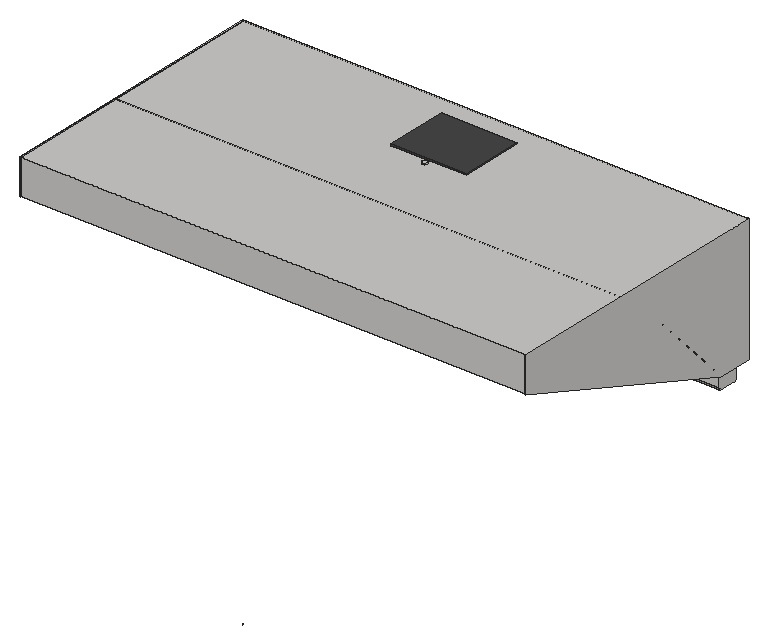
Revit family "QF_ELECTROLUXPROFESSIONAL_644193_AMPV1120BT", category Specialty Equipment, Revit 2014
Reference planes
  plane 1 "Center (Front/Back)": y = 0
  plane 2: z = 0
  plane 3 "Center (Left/Right)": x = 150
  plane 4 "LEFT": x = -850
  plane 5 "RIGHT": x = 1150
  plane 6 "BACK": y = 550
  plane 7 "FRONT": y = -550
  plane 8 "Plane": z = 2000
  plane 9 "TOP": z = 2140
  plane 10 "Base": z = 1640
  plane 11: z = 1566
  plane 12 "DrainY": y = 485
  plane 13: x = -847
  plane 14: through (0, 414.509, 1640.8) normal (0, 0.7314, 0.682)
  plane 15: y = 470
  plane 16: y = 220
  plane 17 "DrainX": x = 1030
  plane 18: x = 0
  plane 19: x = 300
  plane 20: x = 1147
  plane 21: x = 940
  plane 22: x = 1120
  plane 23: x = -810
  plane 24: x = 1110
  plane 25: x = -47.5
  plane 26: x = 347.5
  plane 27: y = 200
Forms (mm)
  Extrusion 1, solid, material "QF_Finishes_Stainless Steel"
    sketch origin (-850, 0, 0) x (0, 1, 0) y (0, 0, 1)
      loop
        line (550, 1640) -> (550, 2140) -> (-550, 2140) -> (-550, 1999.112) -> (413.973, 1640) -> (550, 1640)
    from 0 to 3
  Extrusion 2, solid, material "QF_Finishes_Stainless Steel"
    sketch origin (150, 0, 0) x (0, 1, 0) y (0, 0, 1)
      loop
        line (415.255, 1640) -> (550, 1640) -> (550, 2139.19) -> (549.2, 2139.19) -> (549.2, 1640.8) -> (415.876, 1640.8) -> (339.347, 1722.867) -> (349.609, 1732.436) -> (348.927, 1733.167) -> (337.934, 1722.917) -> (415.255, 1640)
      loop
        line (-82.203, 2139.19) -> (-82.203, 2118.6) -> (-31.047, 2118.6) -> (34.354, 2048.466) -> (46.028, 2059.352) -> (45.346, 2060.083) -> (34.403, 2049.879) -> (-30.612, 2119.6) -> (-81.203, 2119.6) -> (-81.203, 2139.19) -> (-82.203, 2139.19)
    from -997 to 997
  Extrusion 3, solid, material "QF_Finishes_Stainless Steel"
    sketch origin (1150, 0, 0) x (0, 1, 0) y (0, 0, 1)
      loop
        line (550, 1640) -> (550, 2140) -> (-550, 2140) -> (-550, 1999.112) -> (413.973, 1640) -> (550, 1640)
    from 0 to -3
  Extrusion 4, solid, material "QF_Finishes_Stainless Steel"
    sketch origin (150, 0, 0) x (0, 1, 0) y (0, 0, 1)
      loop
        line (-550, 2140) -> (-550, 2000) -> (-549.2, 2000) -> (-549.2, 2139.19) -> (550, 2139.19) -> (550, 2140) -> (-550, 2140)
    from -1000 to 1000
  Extrusion 5, solid, material "QF_Finishes_Stainless Steel"
    sketch origin (150, 0, 0) x (0, 1, 0) y (0, 0, 1)
      loop
        line (534, 1640) -> (436, 1640) -> (436, 1627) -> (443.5, 1627) -> (443.5, 1576)
        arc (443.5, 1576) -> (446.429, 1568.929) -> (453.5, 1566) r 10
        line (453.5, 1566) -> (516.5, 1566)
        arc (516.5, 1566) -> (523.571, 1568.929) -> (526.5, 1576) r 10
        line (526.5, 1576) -> (526.5, 1627) -> (534, 1627) -> (534, 1640)
    from 790 to 970
  Extrusion 6, solid, material "QF_Finishes_Stainless Steel"
    sketch origin (0, 0, 1640) x (0, 1, 0) y (-1, 0, 0)
      loop
        circle (485, -1030) r 20
    from -76 to -74
  Extrusion 7, solid, material "QF_Finished_Chrome"
    sketch origin (150, 0, 0) x (0, 1, 0) y (0, 0, 1)
      loop
        line (337.934, 1722.917) -> (341.591, 1726.327) -> (38.011, 2051.876) -> (34.354, 2048.466) -> (337.934, 1722.917)
    from -197.5 to -960
  Extrusion 8, solid, material "QF_Finishes_Stainless Steel"
    sketch origin (150, 0, 0) x (0, 1, 0) y (0, 0, 1)
      loop
        line (337.934, 1722.917) -> (341.591, 1726.327) -> (38.011, 2051.876) -> (34.354, 2048.466) -> (337.934, 1722.917)
    from 997 to 960
  Extrusion 9, solid, material "QF_Finished_Chrome"
    sketch origin (150, 0, 0) x (0, 1, 0) y (0, 0, 1)
      loop
        line (341.588, 1726.324) -> (38.009, 2051.874) -> (34.354, 2048.466) -> (337.934, 1722.917) -> (341.588, 1726.324)
    from 197.5 to 960
  Extrusion 10, solid, material "QF_Finishes_Black"
    sketch origin (0, 0, 2140) x (0, 1, 0) y (-1, 0, 0)
      loop
        line (470, -300) -> (470, 0) -> (220, 0) -> (220, -300) -> (470, -300)
    from 5 to 0
  Extrusion 11, solid, material "QF_Finishes_Stainless Steel"
    sketch origin (0, 0, 0) x (1, 0, 0) y (0, 1, 0)
      loop
        line (-850, 550) -> (-850, 549) -> (-849, 549) -> (-849, 550) -> (-850, 550)
    from 0 to 1
  Extrusion 12, solid, material "QF_Finishes_Stainless Steel"
    sketch origin (150, 0, 0) x (0, 1, 0) y (0, 0, 1)
      loop
        line (337.934, 1722.917) -> (341.591, 1726.327) -> (38.011, 2051.876) -> (34.354, 2048.466) -> (337.934, 1722.917)
    from -960 to -997
  Extrusion 13, solid, material "QF_Finishes_Stainless Steel"
    sketch origin (150, 0, 0) x (0, 1, 0) y (0, 0, 1)
      loop
        line (337.934, 1722.917) -> (341.591, 1726.327) -> (38.011, 2051.876) -> (34.354, 2048.466) -> (337.934, 1722.917)
    from 197.5 to -197.5
  Extrusion 14, solid, material "QF_Finishes_Stainless Steel"
    sketch origin (0, 0, 2140) x (0, 1, 0) y (-1, 0, 0)
      loop
        circle (200, -150) r 10
    from 0 to 1.6
Cuts and joins
  joined: Extrusion 2, Extrusion 4
Lines and regions (mm)
  reference lines
    curve 1: line (150, 34.354, 2048.466) -> (150, 34.354, 1888.466)
  symbolic lines, style "SpecialityEquipment", detail levels coarse
    curve 2: line (1150, 550, 2140) -> (-850, 550, 2140)
    curve 3: line (-850, 550, 2140) -> (-850, -550, 2140)
    curve 4: line (1150, -550, 2140) -> (1150, 550, 2140)
    curve 5: line (-850, -550, 2140) -> (1150, -550, 2140)
    curve 6: line (300, 220, 2140) -> (0, 220, 2140)
    curve 7: line (300, 470, 2140) -> (300, 220, 2140)
    curve 8: line (0, 470, 2140) -> (300, 470, 2140)
    curve 9: line (0, 220, 2140) -> (0, 470, 2140)
    curve 10: line (-850, -550, 0) -> (1150, 550, 0)
    curve 11: line (-850, 550, 0) -> (1150, -550, 0)
Dimensions and locks
  plane 4 "LEFT" to plane 5 "RIGHT" = 2000 mm
  equal spacing: plane 4 "LEFT", plane 3 "Center (Left/Right)", plane 5 "RIGHT"
  locked: plane 8 "Plane" to level at 2000
  plane 9 "TOP" to plane 8 "Plane" = 140 mm
  locked: plane 9 "TOP" to plane 10 "Base" at 500
  plane 10 "Base" to plane 11 = 74 mm
  plane 6 "BACK" to plane 12 "DrainY" = 65 mm  (x2)
  plane 4 "LEFT" to plane 13 = 3 mm
  plane 6 "BACK" to plane 15 = 80 mm
  plane 15 to plane 16 = 250 mm  (x2)
  plane 17 "DrainX" to plane 5 "RIGHT" = 120 mm
  plane 20 to plane 5 "RIGHT" = 3 mm
  locked: plane 21 to plane 17 "DrainX" at 90
  locked: plane 17 "DrainX" to plane 22 at 90
  plane 6 "BACK" to plane 7 "FRONT" = 1100 mm  (x2)
  equal spacing: plane 6 "BACK", plane 1 "Center (Front/Back)", plane 7 "FRONT"
  plane 16 to plane 7 "FRONT" = 770 mm
  plane 15 to plane 6 "BACK" = 80 mm
  locked: plane 4 "LEFT" to plane 23 at 40
  locked: plane 24 to plane 5 "RIGHT" at 40
  locked: plane 25 to plane 26 at 395
  equal spacing: plane 25, plane 3 "Center (Left/Right)", plane 26
  locked: plane 18 to plane 19 at 300
  equal spacing: plane 18, plane 3 "Center (Left/Right)", plane 19
  plane 16 to plane 27 = 20 mm
  aligned and locked: level to plane 2
  aligned and locked: Extrusion 2 to Extrusion 1
  aligned and locked: Extrusion 2 to Extrusion 3
  aligned and locked: plane 5 "RIGHT" to Extrusion 4
  aligned and locked: Extrusion 4 to plane 4 "LEFT"
  aligned and locked: plane 20 to Extrusion 8
  aligned and locked: Extrusion 10 to plane 18
  aligned and locked: Extrusion 10 to plane 16
  aligned and locked: Extrusion 10 to plane 15
  aligned and locked: Extrusion 2 to Extrusion 4
  aligned and locked: plane 22 to Extrusion 5
  aligned and locked: Extrusion 5 to plane 21
  aligned and locked: Extrusion 8 to plane 24
  aligned and locked: Extrusion 9 to plane 24
  aligned and locked: Extrusion 7 to plane 23
  aligned and locked: Extrusion 12 to plane 13
  aligned and locked: plane 23 to Extrusion 12
  aligned and locked: Extrusion 3 to plane 20
  aligned and locked: Extrusion 10 to plane 19
  aligned and locked: plane 19 to curve 7
  aligned and locked: plane 26 to Extrusion 13
  aligned and locked: Extrusion 13 to plane 25
  aligned and locked: Extrusion 9 to plane 26
Automatic sketch dimensions
  curve 5 to plane 5 "RIGHT" = 0 mm
  curve 5 to plane 7 "FRONT" = 0 mm
  curve 6 to plane 16 = 0 mm
  plane 15 to curve 8 = 0 mm
  curve 3 to plane 4 "LEFT" = 0 mm
  curve 3 to plane 6 "BACK" = 0 mm
  curve 6 to plane 18 = 0 mm
  Extrusion 1 sketch curve to plane 7 "FRONT" = 0 mm
  Extrusion 1 sketch curve to plane 10 "Base" = 0 mm
  Extrusion 1 sketch curve to plane 6 "BACK" = 0 mm
  Extrusion 1 sketch curve to plane 9 "TOP" = 0 mm
  plane 15 to Extrusion 1 sketch curve = 56.027 mm
  Extrusion 1 sketch curve to plane 8 "Plane" = 0.888 mm
  Extrusion 2 sketch curve to plane 14 = 0 mm  (x3)
  Extrusion 2 sketch curve to plane 10 "Base" = 0 mm
  plane 14 to Extrusion 2 sketch curve = 0 mm
  Extrusion 2 sketch curve to plane 6 "BACK" = 0 mm
  Extrusion 2 sketch curve to Extrusion 2 sketch curve = 65.646 mm
  Extrusion 2 sketch curve to Extrusion 2 sketch curve = 0.682 mm  (x2)
  Extrusion 2 sketch curve to Extrusion 2 sketch curve = 10.261 mm
  plane 10 "Base" to Extrusion 2 sketch curve = 82.917 mm
  Extrusion 2 sketch curve to plane 1 "Center (Front/Back)" = 46.028 mm
  Extrusion 2 sketch curve to Extrusion 2 sketch curve = 10.942 mm
  Extrusion 2 sketch curve to Extrusion 2 sketch curve = 0.049 mm
  Extrusion 2 sketch curve to plane 9 "TOP" = 20.4 mm
  Extrusion 2 sketch curve to plane 9 "TOP" = 21.4 mm
  Extrusion 2 sketch curve to plane 9 "TOP" = 0.81 mm  (x2)
  Extrusion 2 sketch curve to Extrusion 2 sketch curve = 50.156 mm
  Extrusion 2 sketch curve to Extrusion 2 sketch curve = 1 mm
  plane 10 "Base" to Extrusion 2 sketch curve = 0.8 mm
  Extrusion 2 sketch curve to plane 6 "BACK" = 0.8 mm
  Extrusion 3 sketch curve to plane 7 "FRONT" = 0 mm
  Extrusion 3 sketch curve to plane 10 "Base" = 0 mm
  Extrusion 3 sketch curve to plane 6 "BACK" = 0 mm
  Extrusion 3 sketch curve to plane 9 "TOP" = 0 mm
  plane 15 to Extrusion 3 sketch curve = 56.027 mm
  Extrusion 3 sketch curve to plane 8 "Plane" = 0.888 mm
  Extrusion 4 sketch curve to plane 7 "FRONT" = 0 mm
  Extrusion 4 sketch curve to plane 8 "Plane" = 0 mm
  Extrusion 4 sketch curve to plane 6 "BACK" = 0 mm
  Extrusion 4 sketch curve to plane 9 "TOP" = 0 mm
  plane 7 "FRONT" to Extrusion 4 sketch curve = 0.8 mm
  Extrusion 4 sketch curve to plane 9 "TOP" = 0.81 mm
  curve 1 to plane 14 = 0 mm
  curve 1 to plane 1 "Center (Front/Back)" = 34.354 mm
  curve 1 to plane 8 "Plane" = 111.534 mm
  Extrusion 5 sketch curve to plane 10 "Base" = 0 mm
  Extrusion 5 sketch curve to plane 11 = 0 mm
  Extrusion 5 sketch curve to plane 10 "Base" = 13 mm  (x2)
  plane 15 to Extrusion 5 sketch curve = 34 mm
  Extrusion 5 sketch curve to Extrusion 5 sketch curve = 7.5 mm  (x2)
  Extrusion 5 sketch curve to Extrusion 5 sketch curve = 10 mm
  plane 12 "DrainY" to Extrusion 5 sketch curve = 31.5 mm
  Extrusion 5 sketch curve to plane 6 "BACK" = 23.5 mm
  Extrusion 6 sketch curve to plane 12 "DrainY" = 0 mm
  Extrusion 6 sketch curve to plane 17 "DrainX" = 0 mm
  Extrusion 7 sketch curve to plane 14 = 0 mm  (x2)
  Extrusion 7 sketch curve to plane 1 "Center (Front/Back)" = 34.354 mm
  Extrusion 7 sketch curve to Extrusion 7 sketch curve = 3.657 mm
  plane 10 "Base" to Extrusion 7 sketch curve = 82.917 mm
  Extrusion 8 sketch curve to plane 14 = 0 mm  (x2)
  Extrusion 8 sketch curve to plane 1 "Center (Front/Back)" = 34.354 mm
  Extrusion 8 sketch curve to Extrusion 8 sketch curve = 3.657 mm
  plane 10 "Base" to Extrusion 8 sketch curve = 82.917 mm
  Extrusion 9 sketch curve to plane 14 = 0 mm  (x2)
  Extrusion 9 sketch curve to plane 1 "Center (Front/Back)" = 34.354 mm
  Extrusion 9 sketch curve to Extrusion 9 sketch curve = 3.655 mm
  plane 10 "Base" to Extrusion 9 sketch curve = 82.917 mm
  Extrusion 10 sketch curve to plane 16 = 0 mm
  plane 15 to Extrusion 10 sketch curve = 0 mm
  Extrusion 10 sketch curve to plane 19 = 0 mm
  Extrusion 10 sketch curve to plane 18 = 0 mm
  Extrusion 11 sketch curve to plane 4 "LEFT" = 0 mm
  Extrusion 11 sketch curve to plane 6 "BACK" = 0 mm
  plane 4 "LEFT" to Extrusion 11 sketch curve = 1 mm
  Extrusion 11 sketch curve to Extrusion 11 sketch curve = 1 mm
  Extrusion 12 sketch curve to plane 14 = 0 mm  (x2)
  Extrusion 12 sketch curve to plane 1 "Center (Front/Back)" = 34.354 mm
  Extrusion 12 sketch curve to Extrusion 12 sketch curve = 3.657 mm
  plane 10 "Base" to Extrusion 12 sketch curve = 82.917 mm
  Extrusion 13 sketch curve to plane 14 = 0 mm  (x2)
  Extrusion 13 sketch curve to plane 1 "Center (Front/Back)" = 34.354 mm
  Extrusion 13 sketch curve to Extrusion 13 sketch curve = 3.657 mm
  plane 10 "Base" to Extrusion 13 sketch curve = 82.917 mm
  curve 11 to plane 4 "LEFT" = 0 mm
  curve 10 to plane 4 "LEFT" = 0 mm
  curve 11 to plane 5 "RIGHT" = 0 mm
  curve 10 to plane 5 "RIGHT" = 0 mm
  curve 11 to plane 7 "FRONT" = 0 mm
  curve 10 to plane 7 "FRONT" = 0 mm
  curve 11 to plane 6 "BACK" = 0 mm
  curve 10 to plane 6 "BACK" = 0 mm
  Extrusion 14 sketch curve to plane 3 "Center (Left/Right)" = 0 mm
  plane 27 to Extrusion 14 sketch curve = 0 mm
  radius of Extrusion 6 sketch curve = 20 mm
  radius of Extrusion 14 sketch curve = 10 mm
Connectors
  piping at (1030, 485, 1564), diameter 20
    settings: on Extrusion 6, index 1, connector inside diameter 609.6 mm, connector length 0 mm, flow factor 0, pipe flow 0.0 L/s, pressure drop 0.0 Pa, fitting loss kfactor 0, connector angle 0.00°, fixture units 0, engagement length 0 mm, angle of deflection 0.00°, flow configuration 1, flow direction 2, fitting loss method 0, system type 16, joint type 0, gender type 0, connector reference index -1, connector utility 0, adjustable connector no, is connector primary yes, connector description "Drain"
  hvac at (150, 345, 2145)
    settings: on Extrusion 10, index 2, duct flow 0.0 L/s, flow factor 0, pres drop 0.0 Pa, loss coef 0, conn angle 0.00°, conn width 250 mm, conn height 300 mm, conn diameter 609.6 mm, duct sys type 3, conn prof type 1, flow config 0, flow direction 2, loss method 0, conn ref index -1, conn util no, is conn primary yes, conn desc "EXHAUST OUTLET"
  electrical at (150, 200, 2141.6)
    settings: on Extrusion 14, index 3, voltage 0 V, apparent load 0 VA, apparent load phase1 0 VA, apparent load phase2 0 VA, apparent load phase3 0 VA, power factor 1, load classification "Other", number of poles 1, system type 30, power factor state 1, is connector primary yes, connector utility no, sub classification motor no, connector description "Electrical Connection"
